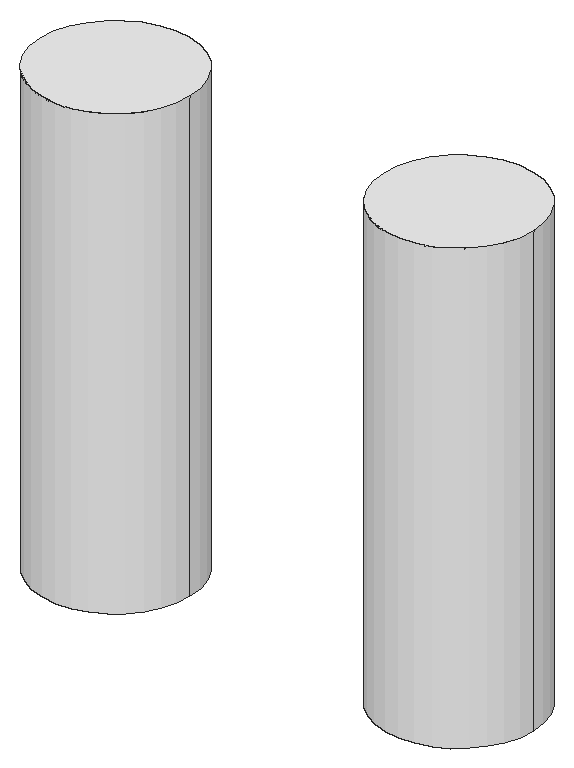
Revit family "56422203", category Plumbing Fixtures, Revit 2020
Family settings
  Round Connector Dimension = Use Diameter
  Part Type = Normal
  OmniClass Number = 23.45.55.00
  OmniClass Title = Sanitary Faucets, Wastes
  Work Plane-Based = No
  Always vertical = Yes
  Cut with Voids When Loaded = No
  Shared = No
  Room Calculation Point = No
Parameters (values of type "56422203 Washbasin faucet")
  Working Pressure = "50 - 1000 kPa"
  WarrantyStartDate [instance] = "n/a"
  WarrantyGuarantorParts = "n/a"
  WarrantyGuarantorLabor = "n/a"
  WarrantyDurationUnit = "Year"
  WarrantyDurationParts = "n/a"
  WarrantyDurationLabor = "n/a"
  WarrantyDescription = "http://warranty.hansa.com"
  Warranty Information URL = "http://warranty.hansa.com"
  VersionDate = "01/06/2023"
  Version = "1"
  ValvePattern = "n/a"
  ValveOperation = "n/a"
  ValveMechanism = "n/a"
  Uniclass2015Reference = "Pr_40_20_87_96"
  Uniclass2015Description = "Washbasin manual water supply sets"
  Uniclass2 = "Pr_40_30_96_96"
  URL REACH = "http://static.hansa.com/doc/reach"
  URL Materials Declaration = "http://www.hansa.com/fileadmin/resources/182972_56422203_materialsdeclaration.pdf"
  URL Environmental Product Declaration EPD = "http://www.hansa.com/fileadmin/resources/184523_EPD_Washbasin faucet.pdf"
  URL EcoLabel Declaration = "http://static.hansa.com/doc/EcoLabel"
  URL EU Packaging Declaration = "http://static.hansa.com/doc/packaging"
  URL Declaration of SCIP = "http://static.hansa.com/doc/SCIP"
  URL Declaration of Conformity = "http://static.hansa.com/DoC/56422203"
  URL Declaration of Asbestos = "http://static.hansa.com/doc/asbestos"
  URL Declaration Of Performance (DOP) = "http://static.hansa.com/doc/DoP"
  URL DVGW = "http://static.hansa.com/DVGW/56422203"
  URL ABP = "http://static.hansa.com/ABP/56422203"
  URL = ""
  UNSPSC Class Number = "30181700 Faucets or taps"
  TestPressure = "n/a"
  Temperature Adjustments = "Limitation option for maximum temperature and flow-rate ;Adjustable hot water stop (included, retrofittable)"
  Temperature = "Temperature limiter;Temperature limiter (retrofittable)"
  Technical DataSheet URL = "http://www.hansa.com/datasheet/56422203/en"
  TagNumber [instance] = "n/a"
  SustainabilityPerformance = "n/a"
  Surface treatment = "Chrome"
  Spout Type = "Fixed spout"
  Spout Projection = "110 mm"
  Spare-Part Information URL = "http://static.hansa.com/sp/56422203"
  Size = "50x145x155 mm"
  Shape = "Sculptured"
  SerialNumber [instance] = "n/a"
  Sales Package dimensions (LxWxH) = "540 x 146 x 59"
  Revision = "n/a"
  ReplacementCost = "n/a"
  ProductInformation = "n/a"
  Product URL = "http://static.hansa.com/56422203"
  Product Image URL = "http://static.hansa.com/image/56422203"
  Product Family = "HANSAPALENO XL"
  Product Code = "56422203"
  OperatingMechanismMaterial = "n/a"
  NominalWidth = 48.9 mm
  NominalHeight = 156.4 mm
  NominalDepth = 144.4 mm
  Noise Class = "I (ISO3822)"
  Name_en = "56422203 Washbasin faucet"
  Name = "56422203 Washbasin faucet"
  NBSReference = "45-35-70/371"
  NBSDescription = "Water supply fittings for wash basins and troughs"
  Mounting Holes = "1 hole"
  ModelReference = "56422203"
  ModelNumber = "n/a"
  Model = "56422203 Washbasin faucet"
  Mobile Product Information URL = "http://mpi.hansa.com/56422203"
  Mechanical Parts = "ø 35 mm ceramic cartridge for flow and temperature control"
  Max. Hot Water Supply = 70 °C
  Material = "Brass"
  Market = "International;Germany;Austria;Switzerland;France;Italy;Spain"
  ManufacturerURL = "http://www.hansa.com"
  ManufacturerName = "HANSA"
  Manufacturer = "HANSA"
  Lever Handle = "Hot/Cold symbols;Single operating lever/handle"
  Interactive AR View URL = "https://static.hansa.com/AR/56422203"
  InstallationDate [instance] = "n/a"
  Installation and Maintenance Guide URL = "http://static.hansa.com/manual/56422203"
  Installation Type = "Deck mounted"
  InletConnectionSize = 10 mm
  IfcExportType = "FAUCET"  # constant formula
  IfcExportAs = "IfcValveType"  # constant formula
  Group = "Washbasin faucet"
  Grade = "n/a"
  FlowCoefficient = 0
  Flow Rate At 300kPa With Flow Controller = 0.01 L/s
  Flow Drawing URL = "http://static.hansa.com/flowchart/56422203"
  Finish = "Polished"
  Features = "Single-lever"
  FaucetMainMaterial = Brass
  FDV Document URL = "http://www.hansa.com/datasheet/56422203/en/fdv"
  ExpectedLife = "n/a"
  Excluded Items = "Without pop-up waste"
  ETIM Class Number = "EC011328 Washbasin mixing tap"
  EN Standard = "EN 817"
  EAN Number = "4057304012013"
  DurationUnit = "Year"
  Dimension Drawing URL = "http://static.hansa.com/dimdrw/56422203"
  Description = ""
  DefaultElevation [instance] = 900 mm
  Default Elevation = 0 mm
  Constituents = "n/a"
  Connection Size = "G3/8"
  Connection = "Flexible inlet pipes"
  Color = "Chrome"
  CodePerformance = "n/a"
  CloseOffRating = 0
  Category = "Washbasin"
  Catalog Drawing URL = "http://static.hansa.com/catdrw/56422203"
  CO2 Emissions (D) = -6.19
  CO2 Emissions (C4) = 0.07
  CO2 Emissions (C3) = 0.02
  CO2 Emissions (C2) = 0.02
  CO2 Emissions (B7) = 1854
  CO2 Emissions (A4) = 0.24
  CO2 Emissions (A1-A3) = 8.7
  Brand = "HANSA"
  BodyMaterial = "Brass"
  Barcode [instance] = "n/a"
  Backflow Prevention EN1717 = "AA"
  BIMObjectName = "56422203"
  Author = "BIMStone"
  AssetType = "Fixed"
  AssetIdentifier [instance] = "n/a"
  Approval DVGW = "DW-6506CS0548"
  Approval ABP = "P-IX 29502/IA"
  Ambience photo = "http://static.hansa.com/ambience/56422203"
  Aerator = "PCA® - constant flow rate regardless of pressure variations"
  Advanced Features = "Inner body made of DZR brass;3S-installation system for safe and simple mounting"
  AccessibilityPerformance = "n/a"
  3D View = "https://static.hansa.com/AR/56422203"
  2D/3D/BIM Files URL = "http://static.hansa.com/bim/56422203"
Reference planes
  plane 1 "Center (Front/Back)": y = 0
  plane 2: z = 0
  plane 3 "Center (Left/Right)": x = 0
  plane 4: x = -24.45
  plane 5: z = 900
  plane 6: z = 870
  plane 7: y = -144.4
  plane 8: x = 24.45
  plane 9: z = 1056.4
Forms (mm)
  Extrusion 1, solid, material "Brass" <- "FaucetMainMaterial"
    sketch origin (-44.989, 12.403, 0) x (1, 0, 0) y (0, 1, 0)
      loop
        circle (33.489, -36) r 5
      loop
        circle (56.489, -36) r 5
    from 870 to 900
Dimensions and locks
  "DefaultElevation": plane 5 to level
  locked: plane 5 to plane 6 at 30
  "NominalDepth": plane 7 to plane 1 "Center (Front/Back)"
  "NominalHeight": plane 9 to plane 5
  equal spacing: plane 4, plane 3 "Center (Left/Right)", plane 8
  "NominalWidth": plane 4 to plane 8
  "InletConnectionSize": diameter of Extrusion 1 sketch curve  (x2)
  aligned and locked: level to plane 2
  aligned and locked: plane 5 to Extrusion 1
  aligned and locked: Extrusion 1 to plane 6
  aligned and locked: nested 2 to plane 5
Automatic sketch dimensions
  Extrusion 1 sketch curve to plane 3 "Center (Left/Right)" = 11.5 mm
  plane 3 "Center (Left/Right)" to Extrusion 1 sketch curve = 11.5 mm
  plane 1 "Center (Front/Back)" to Extrusion 1 sketch curve = 23.597 mm  (x2)
Nested families
  nested 1: "Symbol" at (0, 0, 0), type "Symbol", detail levels coarse
  nested 2: "56422203_p" at (0, 0, 900), Main <- "FaucetMainMaterial", type "56422203_p"
    with Main Brass
Connectors
  piping at (-11.5, -23.597, 870), diameter 10, driven by "InletConnectionSize"
    settings: on Extrusion 1, index 1, connector inside diameter 609.6 mm, connector length 0 mm, flow factor 0, pipe flow 0.1 L/s, pressure drop 0.0 Pa, fitting loss kfactor 0, connector angle 0.00°, fixture units 0, engagement length 0 mm, angle of deflection 0.00°, flow configuration 1, flow direction 1, fitting loss method 0, system type 19, joint type 0, gender type 0, connector reference index -1, connector utility 0, adjustable connector no, is connector primary yes, connector description ""
  piping at (11.5, -23.597, 870), diameter 10, driven by "InletConnectionSize"
    settings: on Extrusion 1, index 2, connector inside diameter 609.6 mm, connector length 0 mm, flow factor 0, pipe flow 0.1 L/s, pressure drop 0.0 Pa, fitting loss kfactor 0, connector angle 0.00°, fixture units 0, engagement length 0 mm, angle of deflection 0.00°, flow configuration 1, flow direction 1, fitting loss method 0, system type 20, joint type 0, gender type 0, connector reference index -1, connector utility 0, adjustable connector no, is connector primary no, connector description ""
Definition of nested family "Symbol"
  Reference planes
    plane 1: y = 0
    plane 2: x = 0
  Lines and regions (mm)
    detail lines
      curve 1: line (0, 0, 0) -> (0, -1.8, 0)
      curve 2: line (-0.4, -1.1, 0) -> (0.4, -1.1, 0)
      curve 3: line (-0.4, -1.4, 0) -> (0.4, -1.4, 0)
      curve 4: line (0.863, 0, 0) -> (-0.863, 0, 0)
      curve 5: circle (-1.163, 0, 0) r 0.3 normal (0, 0, -1)
      curve 6: circle (1.163, 0, 0) r 0.3 normal (0, 0, 1)
Definition of nested family "56422203_p"
  Parameters (values of type "56422203_p")
    Main [instance] = none
    Default Elevation = 0 mm
  Reference planes
    plane 1 "Center (Front/Back)": y = 0
    plane 2: z = 0
    plane 3 "Center (Left/Right)": x = 0
    plane 4: x = -24.617
    plane 5: x = 24.617
    plane 6: y = -144.411
    plane 7: z = 156.445
  Forms (mm)
    Revolve 1, solid, material <- "Main", detail levels medium
      sketch origin (0, 0, 0) x (0, 1, 0) y (0, 0, 1)
        loop
          line (2.047, -23.402) -> (-14.215, 162.474) -> (-37.633, 160.425) -> (-21.371, -25.451) -> (2.047, -23.402)
        axis (-37.633, 160.425) -> (-21.371, -25.451)
      angle from 0 to 360
    Extrusion 2, void
      sketch origin (0, 0, 0) x (0, 1, 0) y (0, 0, 1)
        loop
          line (-84.903, 156.445) -> (-11.321, 156.445) -> (-11.321, 165.82) -> (-84.903, 165.82) -> (-84.903, 156.445)
        loop
          line (-67.585, 0) -> (-67.585, -35) -> (4.507, -35) -> (4.507, 0) -> (-67.585, 0)
      from -49.356 to 92.918
    Extrusion 3, solid, material <- "Main", detail levels medium
      sketch origin (0, 0, 0) x (1, 0, 0) y (0, 1, 0)
        loop
          line (-7.537, -77.547) -> (-6.93, -123.232)
          arc (-6.93, -123.232) -> (-6.646, -124.044) -> (-5.931, -124.521) r 1.354
          arc (-5.931, -124.521) -> (-2.992, -125.107) -> (0, -125.289) r 22.031
          arc (0, -125.289) -> (2.992, -125.107) -> (5.931, -124.521) r 22.031
          arc (5.931, -124.521) -> (6.646, -124.044) -> (6.93, -123.232) r 1.354
          line (6.93, -123.232) -> (7.537, -77.547)
          arc (7.537, -77.547) -> (8.206, -70.706) -> (10.649, -64.282) r 25.931
          arc (10.649, -64.282) -> (13.331, -59.854) -> (16.426, -55.705) r 53.655
          arc (16.426, -55.705) -> (18.861, -52.519) -> (21.056, -49.162) r 54.532
          arc (21.056, -49.162) -> (23.173, -41.379) -> (23.403, -33.317) r 34.087
          line (23.403, -33.317) -> (-23.403, -33.317)
          arc (-23.403, -33.317) -> (-23.173, -41.379) -> (-21.056, -49.162) r 34.087
          arc (-21.056, -49.162) -> (-18.861, -52.519) -> (-16.426, -55.705) r 54.532
          arc (-16.426, -55.705) -> (-13.331, -59.854) -> (-10.649, -64.282) r 53.655
          arc (-10.649, -64.282) -> (-8.206, -70.706) -> (-7.537, -77.547) r 25.931
      from 143.534 to 156.445
    Extrusion 4, solid, material <- "Main", detail levels medium
      sketch origin (0, 0, 0) x (0, 1, 0) y (0, 0, 1)
        loop
          line (-96.559, 113.643) -> (-143.329, 109.331)
          arc (-143.329, 109.331) -> (-144.357, 108.501) -> (-143.985, 107.233) r 1.191
          line (-143.985, 107.233) -> (-138.981, 103.034) -> (-143.034, 97.245) -> (-123.394, 83.493) -> (-120.544, 87.563) -> (-119.032, 86.295) -> (-43.851, 88.032) -> (-46.46, 117.853)
          arc (-46.46, 117.853) -> (-71.518, 115.849) -> (-96.559, 113.643) r 3101.602
      from -20 to 20
    Extrusion 5, solid, material <- "Main", detail levels coarse
      sketch origin (0, 0, 0) x (0, 1, 0) y (0, 0, 1)
        loop
          line (0, 0) -> (0, 156.445) -> (-144.411, 156.445) -> (-144.411, 0) -> (0, 0)
      from -24.617 to 24.617
  Cuts and joins
    joined: Extrusion 3, Extrusion 4
    Extrusion 2 cuts Revolve 1
  Lines and regions (mm)
    symbolic lines, detail levels medium+fine
      curve 1: arc (-10.483, -143.707, 0) -> (0.493, -144.409, 0) -> (11.459, -143.559, 0) r 77.963
      curve 2: line (-16.526, -137.272, 0) -> (-23.259, -43.599, 0)
      curve 3: arc (-10.483, -143.707, 0) -> (-14.647, -141.562, 0) -> (-16.526, -137.272, 0) r 7
      curve 4: arc (-24.617, -33.317, 0) -> (-24.331, -29.576, 0) -> (-23.48, -25.922, 0) r 24.617
      curve 5: arc (-23.48, -25.922, 0) -> (-22.352, -16.636, 0) -> (-17.956, -8.379, 0) r 25.54
      curve 6: arc (-17.956, -8.379, 0) -> (-12.813, -3.703, 0) -> (-6.464, -0.874, 0) r 21.896
      curve 7: arc (-6.464, -0.874, 0) -> (-3.26, -0.234, 0) -> (0, 0, 0) r 26.072
      curve 8: arc (-23.259, -43.599, 0) -> (-24.276, -38.503, 0) -> (-24.617, -33.317, 0) r 39.601
      curve 17: line (16.526, -137.272, 0) -> (23.259, -43.599, 0)
      curve 18: arc (10.483, -143.707, 0) -> (14.647, -141.562, 0) -> (16.526, -137.272, 0) r 7
      curve 19: arc (24.617, -33.317, 0) -> (24.331, -29.576, 0) -> (23.48, -25.922, 0) r 24.617
      curve 20: arc (23.48, -25.922, 0) -> (22.352, -16.636, 0) -> (17.956, -8.379, 0) r 25.54
      curve 21: arc (17.956, -8.379, 0) -> (12.813, -3.703, 0) -> (6.464, -0.874, 0) r 21.896
      curve 22: arc (6.464, -0.874, 0) -> (3.26, -0.234, 0) -> (0, 0, 0) r 26.072
      curve 23: arc (23.259, -43.599, 0) -> (24.276, -38.503, 0) -> (24.617, -33.317, 0) r 39.601
      curve 32: line (0, 0, 0) -> (-23.507, 0, 0)
      curve 33: line (-23.507, 0, 0) -> (-23.507, 0, 118.867)
      curve 34: line (-24.617, 0, 122.36) -> (-24.191, 0, 154.082)
      curve 35: line (0, 0, 156.757) -> (-5.848, 0, 156.757)
      curve 36: arc (-5.848, 0, 156.757) -> (-14.236, 0, 156.527) -> (-22.599, 0, 155.836) r 152.743
      curve 37: arc (-24.191, 0, 154.082) -> (-23.727, 0, 155.26) -> (-22.599, 0, 155.836) r 1.788
      curve 43: line (-22.622, 0, 121.304) -> (-22.757, 0, 119.77)
      curve 44: arc (-23.507, 0, 118.867) -> (-23.284, 0, 119.445) -> (-22.757, 0, 119.77) r 0.967
      curve 48: spline (-24.617, 0, 122.36) -> (-24.603, 0, 122.271) -> (-24.561, 0, 122.181) -> (-24.492, 0, 122.092) -> (-24.395, 0, 122.003) -> (-24.27, 0, 121.914) -> (-24.118, 0, 121.826) -> (-23.938, 0, 121.738) -> (-23.731, 0, 121.651) -> (-23.498, 0, 121.565) -> (-23.238, 0, 121.48) -> (-22.952, 0, 121.396) -> (-22.639, 0, 121.313)
      curve 59: line (0, 0, 0) -> (23.507, 0, 0)
      curve 60: line (23.507, 0, 0) -> (23.507, 0, 118.867)
      curve 61: line (24.617, 0, 122.36) -> (24.191, 0, 154.082)
      curve 62: line (0, 0, 156.757) -> (5.848, 0, 156.757)
      curve 63: arc (5.848, 0, 156.757) -> (14.236, 0, 156.527) -> (22.599, 0, 155.836) r 152.743
      curve 64: arc (24.191, 0, 154.082) -> (23.727, 0, 155.26) -> (22.599, 0, 155.836) r 1.788
      curve 70: line (22.622, 0, 121.304) -> (22.757, 0, 119.77)
      curve 71: arc (23.507, 0, 118.867) -> (23.284, 0, 119.445) -> (22.757, 0, 119.77) r 0.967
      curve 75: spline (24.617, 0, 122.36) -> (24.603, 0, 122.271) -> (24.561, 0, 122.181) -> (24.492, 0, 122.092) -> (24.395, 0, 122.003) -> (24.27, 0, 121.914) -> (24.118, 0, 121.826) -> (23.938, 0, 121.738) -> (23.731, 0, 121.651) -> (23.498, 0, 121.565) -> (23.238, 0, 121.48) -> (22.952, 0, 121.396) -> (22.639, 0, 121.313)
      curve 86: line (0, 0, 0) -> (0, -47.195, 0)
      curve 87: line (0, -10.612, 121.301) -> (0, -11.412, 121.236)
      curve 90: line (0, 0, 0) -> (0, -1.556, 17.786)
      curve 91: arc (0, -11.412, 121.236) -> (0, -12.881, 127.02) -> (0, -15.842, 132.201) r 22.12
      curve 92: line (0, -56.705, 119.964) -> (0, -56.705, 117.557)
      curve 93: line (0, -11.666, 134.578) -> (0, -15.028, 154.062)
      curve 94: line (0, -16.892, 155.631) -> (0, -35.064, 155.631)
      curve 95: arc (0, -50.137, 156.019) -> (0, -42.603, 155.722) -> (0, -35.064, 155.631) r 275.77
      curve 96: arc (0, -15.028, 154.062) -> (0, -15.674, 155.186) -> (0, -16.892, 155.631) r 1.891
      curve 98: line (0, -3.301, 37.728) -> (0, -10.612, 121.301)
      curve 99: line (0, -56.705, 119.964) -> (0, -58.447, 119.823)
      curve 100: line (0, -15.842, 132.201) -> (0, -11.666, 134.578)
      curve 102: line (0, -119.032, 86.295) -> (0, -120.544, 87.563)
      curve 103: line (0, -91.121, 114.144) -> (0, -143.329, 109.331)
      curve 104: arc (0, -143.329, 109.331) -> (0, -144.357, 108.501) -> (0, -143.985, 107.233) r 1.191
      curve 105: line (0, -143.034, 97.245) -> (0, -123.394, 83.493)
      curve 106: line (0, -138.981, 103.034) -> (0, -143.034, 97.245)
      curve 107: line (0, -120.544, 87.563) -> (0, -123.394, 83.493)
      curve 108: line (0, -138.981, 103.034) -> (0, -143.985, 107.233)
      curve 118: line (0, -0.192, 19.351) -> (0, -1.671, 36.265)
      curve 119: line (0, -2.403, 37.309) -> (0, -3.301, 37.728)
      curve 120: arc (0, -1.671, 36.265) -> (0, -1.897, 36.885) -> (0, -2.403, 37.309) r 1.275
      curve 121: line (0, -0.645, 18.4) -> (0, -1.556, 17.786)
      curve 122: arc (0, -0.192, 19.351) -> (0, -0.289, 18.814) -> (0, -0.645, 18.4) r 1.038
      curve 123: arc (0, -56.705, 117.557) -> (0, -73.907, 115.791) -> (0, -91.121, 114.144) r 2509.682
      curve 124: line (0, -119.032, 86.295) -> (0, -78.463, 87.445)
      curve 125: line (0, -47.195, 0) -> (0, -52.849, 64.634)
      curve 126: arc (0, -52.849, 64.634) -> (0, -61.128, 81.125) -> (0, -78.463, 87.445) r 25
      curve 127: line (0, -72.369, 156.445) -> (0, -123.175, 156.445)
      curve 128: arc (0, -124.589, 155.324) -> (0, -125.212, 149.972) -> (0, -124.596, 144.619) r 23.446
      curve 129: arc (0, -123.175, 156.445) -> (0, -124.077, 156.131) -> (0, -124.589, 155.324) r 1.453
      curve 130: line (0, -123.324, 143.61) -> (0, -68.594, 143.61)
      curve 131: line (0, -58.447, 119.823) -> (0, -61.216, 137.309)
      curve 132: arc (0, -61.216, 137.309) -> (0, -63.743, 141.82) -> (0, -68.594, 143.61) r 7.47
      curve 133: arc (0, -124.596, 144.619) -> (0, -124.136, 143.893) -> (0, -123.324, 143.61) r 1.307
      curve 134: arc (0, -50.137, 156.019) -> (0, -61.251, 156.338) -> (0, -72.369, 156.445) r 581.263
    symbolic lines, detail levels fine
      curve 9: arc (-21.056, -49.162, 0) -> (-21.905, -47.56, 0) -> (-22.573, -45.875, 0) r 16.527
      curve 10: arc (-16.426, -55.705, 0) -> (-18.861, -52.519, 0) -> (-21.056, -49.162, 0) r 54.532
      curve 11: arc (-10.649, -64.282, 0) -> (-13.331, -59.854, 0) -> (-16.426, -55.705, 0) r 53.655
      curve 12: arc (-7.537, -77.547, 0) -> (-8.206, -70.706, 0) -> (-10.649, -64.282, 0) r 25.931
      curve 13: line (-7.537, -77.547, 0) -> (-6.93, -123.232, 0)
      curve 14: arc (-5.931, -124.521, 0) -> (-2.992, -125.107, 0) -> (0, -125.289, 0) r 22.031
      curve 15: arc (-6.93, -123.232, 0) -> (-6.646, -124.044, 0) -> (-5.931, -124.521, 0) r 1.354
      curve 16: arc (-23.48, -25.922, 0) -> (-14.56, -13.467, 0) -> (0, -8.7, 0) r 24.617
      curve 24: arc (21.056, -49.162, 0) -> (21.674, -48.039, 0) -> (22.204, -46.872, 0) r 16.527
      curve 25: arc (16.426, -55.705, 0) -> (18.861, -52.519, 0) -> (21.056, -49.162, 0) r 54.532
      curve 26: arc (10.649, -64.282, 0) -> (13.331, -59.854, 0) -> (16.426, -55.705, 0) r 53.655
      curve 27: arc (7.537, -77.547, 0) -> (8.206, -70.706, 0) -> (10.649, -64.282, 0) r 25.931
      curve 28: line (7.537, -77.547, 0) -> (6.93, -123.232, 0)
      curve 29: arc (5.931, -124.521, 0) -> (2.992, -125.107, 0) -> (0, -125.289, 0) r 22.031
      curve 30: arc (6.93, -123.232, 0) -> (6.646, -124.044, 0) -> (5.931, -124.521, 0) r 1.354
      curve 31: arc (23.48, -25.922, 0) -> (14.56, -13.467, 0) -> (0, -8.7, 0) r 24.617
      curve 38: arc (-6.756, 0, 154.996) -> (-6.963, 0, 150.565) -> (-6.756, 0, 146.134) r 47.666
      curve 39: arc (-5.128, 0, 156.613) -> (-6.235, 0, 156.099) -> (-6.756, 0, 154.996) r 1.79
      curve 40: arc (-2.068, 0, 156.757) -> (-3.599, 0, 156.715) -> (-5.128, 0, 156.613) r 39.282
      curve 41: arc (-6.756, 0, 146.134) -> (-6.258, 0, 145.047) -> (-5.191, 0, 144.509) r 1.809
      curve 42: arc (-5.191, 0, 144.509) -> (-2.601, 0, 144.266) -> (0, 0, 144.219) r 34.732
      curve 45: spline (-22.757, 0, 119.77) -> (-22.562, 0, 119.513) -> (-21.981, 0, 119.261) -> (-21.024, 0, 119.017) -> (-19.707, 0, 118.786) -> (-18.053, 0, 118.572) -> (-16.091, 0, 118.379) -> (-13.852, 0, 118.209) -> (-11.377, 0, 118.066) -> (-8.708, 0, 117.952) -> (-5.889, 0, 117.87) -> (-2.97, 0, 117.82) -> (0, 0, 117.803)
      curve 46: line (-23.507, 0, 106.908) -> (-16.905, 0, 94.49)
      curve 47: arc (-16.905, 0, 94.49) -> (-14.342, 0, 90.77) -> (-11, 0, 87.73) r 19.74
      curve 49: arc (-13.632, 0, 105.991) -> (-6.829, 0, 106.614) -> (0, 0, 106.821) r 112.335
      curve 50: line (-23.507, 0, 117.557) -> (-17.405, 0, 107.792)
      curve 51: arc (-17.405, 0, 107.792) -> (-15.781, 0, 106.342) -> (-13.632, 0, 105.991) r 3.893
      curve 52: spline (0, 0, 84.024) -> (-2.773, 0, 84.232) -> (-5.358, 0, 84.844) -> (-7.577, 0, 85.816) -> (-9.28, 0, 87.084) -> (-10.351, 0, 88.56) -> (-10.716, 0, 90.145) -> (-10.351, 0, 91.729) -> (-9.28, 0, 93.205) -> (-7.577, 0, 94.473) -> (-5.358, 0, 95.445) -> (-2.773, 0, 96.057) -> (0, 0, 96.265)
      curve 53: line (-11, 0, 96.107) -> (-11, 0, 87.73)
      curve 54: arc (-11, 0, 96.107) -> (-11.983, 0, 93.292) -> (-11, 0, 90.478) r 4.519
      curve 55: arc (-11.983, 0, 93.292) -> (-11.352, 0, 97.43) -> (-8.48, 0, 100.475) r 7.028
      curve 56: arc (-8.48, 0, 100.475) -> (-4.383, 0, 102.12) -> (0, 0, 102.652) r 16.963
      curve 57: arc (-11, 0, 87.73) -> (-5.857, 0, 84.818) -> (0, 0, 84.024) r 15.628
      curve 58: spline (-22.639, 0, 121.313) -> (-21.593, 0, 121.08) -> (-20.343, 0, 120.858) -> (-18.901, 0, 120.652) -> (-17.28, 0, 120.461) -> (-15.496, 0, 120.288) -> (-13.565, 0, 120.135) -> (-11.506, 0, 120.002) -> (-9.338, 0, 119.892) -> (-7.082, 0, 119.806) -> (-4.759, 0, 119.743) -> (-2.391, 0, 119.706) -> (0, 0, 119.693)
      curve 65: arc (6.756, 0, 154.996) -> (6.963, 0, 150.565) -> (6.756, 0, 146.134) r 47.666
      curve 66: arc (5.128, 0, 156.613) -> (6.235, 0, 156.099) -> (6.756, 0, 154.996) r 1.79
      curve 67: arc (2.068, 0, 156.757) -> (3.599, 0, 156.715) -> (5.128, 0, 156.613) r 39.282
      curve 68: arc (6.756, 0, 146.134) -> (6.258, 0, 145.047) -> (5.191, 0, 144.509) r 1.809
      curve 69: arc (5.191, 0, 144.509) -> (2.601, 0, 144.266) -> (0, 0, 144.219) r 34.732
      curve 72: spline (22.757, 0, 119.77) -> (22.562, 0, 119.513) -> (21.981, 0, 119.261) -> (21.024, 0, 119.017) -> (19.707, 0, 118.786) -> (18.053, 0, 118.572) -> (16.091, 0, 118.379) -> (13.852, 0, 118.209) -> (11.377, 0, 118.066) -> (8.708, 0, 117.952) -> (5.889, 0, 117.87) -> (2.97, 0, 117.82) -> (0, 0, 117.803)
      curve 73: line (23.507, 0, 106.908) -> (16.905, 0, 94.49)
      curve 74: arc (16.905, 0, 94.49) -> (14.342, 0, 90.77) -> (11, 0, 87.73) r 19.74
      curve 76: arc (13.632, 0, 105.991) -> (6.829, 0, 106.614) -> (0, 0, 106.821) r 112.335
      curve 77: line (23.507, 0, 117.557) -> (17.405, 0, 107.792)
      curve 78: arc (17.405, 0, 107.792) -> (15.781, 0, 106.342) -> (13.632, 0, 105.991) r 3.893
      curve 79: spline (0, 0, 84.024) -> (2.773, 0, 84.232) -> (5.358, 0, 84.844) -> (7.577, 0, 85.816) -> (9.28, 0, 87.084) -> (10.351, 0, 88.56) -> (10.716, 0, 90.145) -> (10.351, 0, 91.729) -> (9.28, 0, 93.205) -> (7.577, 0, 94.473) -> (5.358, 0, 95.445) -> (2.773, 0, 96.057) -> (0, 0, 96.265)
      curve 80: line (11, 0, 96.107) -> (11, 0, 87.73)
      curve 81: arc (11, 0, 96.107) -> (11.983, 0, 93.292) -> (11, 0, 90.478) r 4.519
      curve 82: arc (11.983, 0, 93.292) -> (11.352, 0, 97.43) -> (8.48, 0, 100.475) r 7.028
      curve 83: arc (8.48, 0, 100.475) -> (4.383, 0, 102.12) -> (0, 0, 102.652) r 16.963
      curve 84: arc (11, 0, 87.73) -> (5.857, 0, 84.818) -> (0, 0, 84.024) r 15.628
      curve 85: spline (22.639, 0, 121.313) -> (21.593, 0, 121.08) -> (20.343, 0, 120.858) -> (18.901, 0, 120.652) -> (17.28, 0, 120.461) -> (15.496, 0, 120.288) -> (13.565, 0, 120.135) -> (11.506, 0, 120.002) -> (9.338, 0, 119.892) -> (7.082, 0, 119.806) -> (4.759, 0, 119.743) -> (2.391, 0, 119.706) -> (0, 0, 119.693)
      curve 88: line (0, -34.119, 121.799) -> (0, -15.842, 132.201)
      curve 89: line (0, -34.119, 121.799) -> (0, -56.705, 119.964)
      curve 97: line (0, -1.556, 17.786) -> (0, -3.301, 37.728)
      curve 101: line (0, -11.412, 121.236) -> (0, -56.705, 117.557)
      curve 109: line (0, -120.544, 87.563) -> (0, -138.981, 103.034)
      curve 110: arc (-3.475, -3.353, 0) -> (0, -3.288, 0) -> (3.474, -3.354, 0) r 93.038
      curve 111: line (-3.963, -2.573, 0) -> (-3.351, -1.422, 0)
      curve 112: arc (-3.351, -1.422, 0) -> (-2.534, -0.745, 0) -> (-1.567, -0.308, 0) r 3.968
      curve 113: arc (-3.475, -3.353, 0) -> (-3.944, -3.104, 0) -> (-3.963, -2.573, 0) r 0.531
      curve 114: line (3.963, -2.573, 0) -> (3.351, -1.422, 0)
      curve 115: arc (3.351, -1.422, 0) -> (2.534, -0.745, 0) -> (1.567, -0.308, 0) r 3.968
      curve 116: arc (3.474, -3.353, 0) -> (3.944, -3.104, 0) -> (3.963, -2.573, 0) r 0.531
      curve 117: arc (-1.567, -0.308, 0) -> (0, -0.131, 0) -> (1.567, -0.308, 0) r 7.055
      curve 135: arc (-22.573, -45.875, 0) -> (-22.933, -44.742, 0) -> (-23.259, -43.599, 0) r 39.601
      curve 136: arc (22.204, -46.872, 0) -> (22.772, -45.248, 0) -> (23.259, -43.599, 0) r 34.939
  Dimensions and locks
    aligned and locked: level to plane 2
